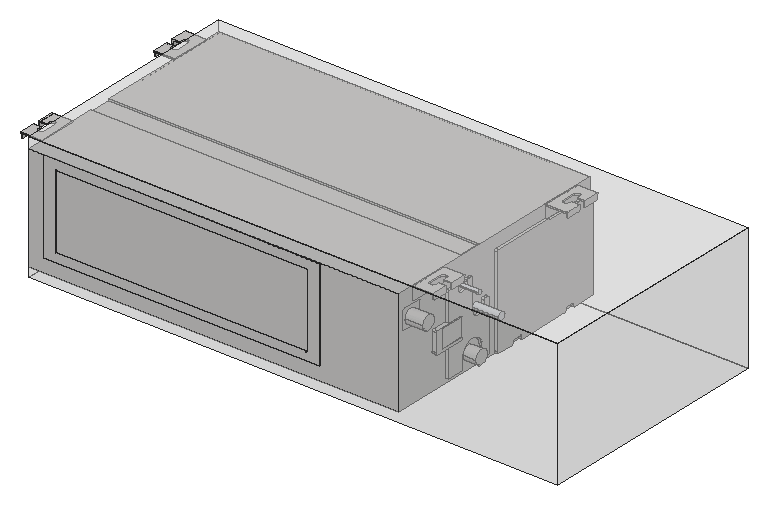
Revit family "outputfile", category 機械設備, Revit 2024
Family settings
  丸型コネクタ寸法 = 半径を使用
  パーツ タイプ = 標準
  OmniClass 番号 = 23.75.10.24.21.27.27
  OmniClass タイトル = Split System Air Conditioning Units
  作業面ベース = いいえ
  常に垂直 = はい
  ロード時にボイドで切り取り = いいえ
  注釈の向きを維持 = いいえ
  共有 = いいえ
  部屋計算ポイント = はい
Parameters (values of type "FPDSQ20APVM")
  Description = ""
  製造元 = "Daikin"
  書き出し IFC クラス(タイプ) = "IfcUnitaryEquipmentType"
  定義済み IFC タイプ(タイプ) = "AIRCONDITIONINGUNIT"
  Cost = 0
  モデル = "FPDSQ20APVM"
  Type Comments = ""
  Keynote = ""
  Type Image = (empty or 0)
  Assembly Code = ""
  lw_suctionflange = 36.75 mm  # constant formula
  r_Liquid Pipe Size = Liquid Pipe Size / 2  # 3.2 mm
  r_Gas Pipe Size = Gas Pipe Size / 2  # 6.35 mm
  r_Drain Pipe Size = Drain Pipe Size / 2  # 13.0 mm
  lw_dischargeflange = 60.0 mm  # constant formula
  lw_SA_left = 351.0 mm
  lw_SA = Width - 178.0 mm  # 522.0 mm
  lw_RA = 624.5 mm
  lh_suctionflange [instance] = if(Rear Connection_Return Air, -100.0 mm, -10.0 mm)  # -100.0 mm
  lh_power = 100.0 mm  # constant formula
  lh_mountinghole1 = lh_mountinghole  # 200.0 mm
  lh_dischargeflange = 112.0 mm  # constant formula
  lh_RA = 198.0 mm  # constant formula
  ld_dischargeflange = 225.0 mm  # constant formula
  ld_suctionflange [instance] = if(Rear Connection_Return Air, 190.0 mm, 100.0 mm)  # 190.0 mm
  angle_vertical_RA [instance] = if(Rear Connection_Return Air, 90.00°, 0.00°)  # 90.00°
  angle horizontal_RA [instance] = if(Rear Connection_Return Air, 180.00°, 270.00°)  # 180.00°
  Voltage_comment_60Hz = "220-230"
  Voltage_comment_50Hz = "220 - 240"
  Voltage_60Hz = 220 V
  Voltage_50Hz = 230 V
  URL = ""
  Supply Air Direction [instance] = yes
  Sound Power Level_H speed (dB) = 0
  Rear Connection_Return Air [instance] = not(Bottom Connection_Return Air)  # yes
  ld_RA = 190.0 mm  # constant formula
  Phase_60Hz = 1
  Phase_50Hz = 1
  Minimum External Static Pressure = 0.00 Pa
  Minimum Circuit Amps_60Hz = 0.38 A
  Minimum Circuit Amps_50Hz = 0.38 A
  Maximum Fuse Amps_60Hz = 16.0 A
  Maximum Fuse Amps_50Hz = 16.0 A
  Maximum External Static Pressure = 10.00 Pa
  Material_Casing = DAIKIN_GalvanizedSteel_Casing_indoorunit
  lw_mountinghole = 740.0 mm
  lh_gaspipe = -98.0 mm  # constant formula
  lh_mountinghole = 200.0 mm  # constant formula
  lh_liquidpipe = -45.5 mm  # constant formula
  lh_drainpipe = -50.0 mm  # constant formula
  lh_antena = 1.0 mm  # constant formula
  ld_drainpipe = 197.0 mm  # constant formula
  ld_liquidpipe = 84.0 mm  # constant formula
  ld_gaspipe = 46.5 mm  # constant formula
  ld_mountinghole = 315.0 mm  # constant formula
  h*** = 100.0 mm  # constant formula
  lw_liquidpipe = 40.0 mm  # constant formula
  lw_gaspipe = 51.0 mm  # constant formula
  lw_drainpipe = 33.0 mm  # constant formula
  Width = 700.0 mm
  Version = "ver.1.0"
  Unit Type = "Intelligent 3D Air Flow Ceiling Mounted Duct Type"
  Unit Mass Weight = 17.00 kg
  Unit Designation [instance] = ""
  Uniclass2015Version = "Products v1.30"
  Uniclass2015Title = "Variable refrigerant flow units"
  Uniclass2015Code = "Pr_70_65_03_94"
  Total Cooling Capacity [instance] = 0.000 kW
  Sound Pressure Level_M speed (dBA) = 27
  Sound Pressure Level_L speed (dBA) = 24
  Sound Pressure Level_H speed (dBA) = 31
  Series = "VRV HOME_Fan Coil Unit"
  Sensible Cooling Capacity [instance] = 0.000 kW
  SA Duct Size Width = 456.0 mm
  SA Duct Size Height = 141.0 mm
  Refrigerant Type = "R410A"
  RA Duct Size Width = 598.5 mm
  RA Duct Size Height = 172.0 mm
  Power Input (Cooling) = 0.028 kW
  Option Accessory 3 [instance] = ""
  Option Accessory 2 [instance] = ""
  Option Accessory 1 [instance] = ""
  Nominal Cooling Capacity = 2.200 kW
  Minimum Airflow = 390.00 m³/h
  Median Airflow = 456.00 m³/h
  Maximum Airflow = 522.00 m³/h
  Load Classification = HVAC
  Liquid Pipe Size = 6.4 mm
  Link_Nested Family [instance] = ""
  IfcVersion = ""
  IfcExportType = "AIRCONDITIONINGUNIT"
  IfcExportAs = "IfcUnitaryEquipmentType"
  Height = 200.0 mm
  Heat Exchanger Type = "Cross Fin Coil"
  Gas Pipe Size = 12.7 mm
  Frequency_60Hz = 60 Hz
  Frequency_50Hz = 50 Hz
  Fan Type = "Sirocco Fan"
  Fan Drive = "Direct Drive"
  FCU Tag No. [instance] = ""
  Drain Pipe Size = 26.0 mm
  Design Supply Airflow [instance] = 0.00 m³/h
  Design Return Airflow [instance] = 0.00 m³/h
  Design External Static Pressure [instance] = 0.00 Pa
  Depth = 450.0 mm
  既定の高さ = 0.0 mm
  Cooling Entering Wet Bulb Temperature [instance] = 0.00 °C
  Cooling Entering Dry Bulb Temperature [instance] = 0.00 °C
  Cooling Ambient Wet Bulb Temperature [instance] = 0.00 °C
  Cooling Ambient Dry Bulb Temperature [instance] = 0.00 °C
  Clearance visibility [instance] = yes
  Clearance Top = 20.0 mm
  Clearance Right = 300.0 mm
  Clearance Rear = 0.0 mm
  Clearance Left = 0.0 mm
  Clearance Front = 0.0 mm
  Clearance Bottom = 20.0 mm
  Bottom Connection_Return Air [instance] = no
  left_pipe = no
Reference planes
  plane 1 "Center (Front/Back)": y = 0
  plane 2 "h": z = 0
  plane 3 "Center (Left/Right)": x = 0
  plane 4 "Back": y = 225
  plane 5 "Front": y = -225
  plane 6 "Left": x = -350
  plane 7 "Reight": x = 350
  plane 8 "Top": z = 0
  plane 9 "Bottom": z = -200
  plane 10: z = 1.2
  plane 11: z = -2
  plane 12: y = -136.255
  plane 13: z = -130.998
  plane 14: y = -88.831
  plane 15: x = -370
  plane 16 "lh_mountinghole": z = 0
  plane 17: y = -197
  plane 18: z = -50
  plane 19: y = -157.5
  plane 20: y = 157.5
  plane 21 "ld_liquidpipe": y = -84
  plane 22 "ld_gaspipe": y = -46.5
  plane 23: y = -215
  plane 24 "ld_maintenacesocket": y = -197
  plane 25: x = -370
  plane 26: x = -350
  plane 27: x = 348.7
  plane 28: x = 383
  plane 29: x = 357
  plane 30: x = 360
  plane 31: x = 358
  plane 32: x = 370
  plane 33: y = -62
  plane 34: x = 375.5
  plane 35: x = 348
  plane 36: y = 225
  plane 37: y = -225
  plane 38: x = -350
  plane 39: x = 650
  plane 40: z = 20
  plane 41: z = -220
  plane 42: y = 250
  plane 43: z = -198
  plane 44: z = 205.102
  plane 45 "d_liquid_pipe": x = 390
  plane 46 "d_gas_pipe": x = 401
  plane 47 "ld_SA": y = -225
  plane 48: x = -350
  plane 49: x = -60
  plane 50: y = 415
  plane 51: z = -88
  plane 52: z = -189.5
  plane 53: x = -349
  plane 54: z = -199
  plane 55: z = -1
  plane 56: y = 35
  plane 57: y = 25
  plane 58: z = -10
  plane 59 "RA_width": x = -36.75
  plane 60: y = 125
  plane 61 "RA_depth": y = 35
  plane 62: z = -100
  plane 63: x = -349
  plane 64: y = 224
  plane 65: x = 242.57
  plane 66: z = -31.16
  plane 67: x = 302
  plane 68: y = 158.8
  plane 69 "h86.5": z = -113.5
  plane 70: y = 111
Forms (mm)
  Extrusion 1, solid, material "DAIKIN_GalvanizedSteel_Casing_indoorunit" <- "Material_Casing"
    sketch origin (0, 0, 0) x (1, 0, 0) y (0, 1, 0)
      loop
        line (-350, 225) -> (-350, -225) -> (350, -225) -> (350, 225) -> (-350, 225)
    from -200 to 0
  Extrusion 2, solid, material "DAIKIN_GalvanizedSteel_Casing_indoorunit" <- "Material_Casing"
    sketch origin (0, 0.312, 0) x (0, 1, 0) y (0, 0, 1)
      loop
        line (182.791, -198) -> (224.688, -198) -> (224.688, -22.445) -> (195.656, -22.445) -> (192.165, -25.937) -> (122.336, -25.937) -> (118.844, -22.445) -> (1.633, -22.445)
        arc (1.633, -22.445) -> (-0.483, -23.322) -> (-1.36, -25.438) r 2.993
        line (-1.36, -25.438) -> (-1.36, -195.007)
        arc (-1.36, -195.007) -> (-0.483, -197.123) -> (1.633, -198) r 2.993
        line (1.633, -198) -> (31.061, -198)
        arc (31.061, -198) -> (33.177, -197.124) -> (34.053, -195.008) r 2.992
        line (34.053, -195.008) -> (34.053, -188.29)
        arc (34.053, -188.29) -> (35.55, -186.794) -> (37.046, -188.29) r 1.496
        line (37.046, -188.29) -> (37.046, -190.333) -> (52.01, -190.333) -> (52.01, -188.29)
        arc (52.01, -188.29) -> (53.506, -186.794) -> (55.002, -188.29) r 1.496
        line (55.002, -188.29) -> (55.002, -195.007)
        arc (55.002, -195.007) -> (55.879, -197.123) -> (57.995, -198) r 2.993
        line (57.995, -198) -> (155.756, -198)
        arc (155.756, -198) -> (157.872, -197.123) -> (158.749, -195.007) r 2.993
        line (158.749, -195.007) -> (158.749, -188.29)
        arc (158.749, -188.29) -> (160.245, -186.794) -> (161.741, -188.29) r 1.496
        line (161.741, -188.29) -> (161.741, -190.333) -> (176.705, -190.333) -> (176.705, -188.29)
        arc (176.705, -188.29) -> (178.201, -186.794) -> (179.697, -188.29) r 1.496
        line (179.697, -188.29) -> (179.697, -195.005)
        arc (179.697, -195.005) -> (180.571, -197.115) -> (182.682, -197.989) r 2.984
      loop
        arc (-61.313, -42.952) -> (-62.034, -41.571) -> (-63.466, -40.958) r 2.32
        line (-63.466, -40.958) -> (-70.317, -40.958)
        arc (-70.317, -40.958) -> (-71.728, -41.542) -> (-72.313, -42.953) r 1.995
        line (-72.313, -42.953) -> (-72.313, -45.5)
        arc (-72.313, -45.5) -> (-84.313, -57.5) -> (-96.313, -45.5) r 12
        line (-96.313, -45.5) -> (-96.313, -42.953)
        arc (-96.313, -42.953) -> (-96.897, -41.542) -> (-98.308, -40.958) r 1.995
        line (-98.308, -40.958) -> (-115.14, -40.958)
        arc (-115.14, -40.958) -> (-116.551, -41.542) -> (-117.135, -42.953) r 1.995
        line (-117.135, -42.953) -> (-117.135, -189.5) -> (-22.307, -189.5) -> (-22.307, -92.768)
        arc (-22.307, -92.768) -> (-22.891, -91.358) -> (-24.302, -90.773) r 1.995
        line (-24.302, -90.773) -> (-30.318, -90.773)
        arc (-30.318, -90.773) -> (-31.728, -91.358) -> (-32.313, -92.768) r 1.995
        line (-32.313, -92.768) -> (-32.313, -99.963)
        arc (-32.313, -99.963) -> (-47.621, -112.774) -> (-61.313, -98.249) r 14.551
        line (-61.313, -98.249) -> (-61.313, -42.952)
    from 350 to 357
  Extrusion 3, solid, material "DAIKIN_GalvanizedSteel_Casing_indoorunit" <- "Material_Casing"
    sketch origin (0, 0, 0) x (0, 1, 0) y (0, 0, 1)
      loop
        line (-91.821, -94.277) -> (-145.472, -94.277)
        arc (-145.472, -94.277) -> (-147.727, -95.07) -> (-148.682, -97.262) r 2.993
        line (-148.682, -97.262) -> (-148.682, -131.007)
        arc (-148.682, -131.007) -> (-147.871, -133.233) -> (-145.694, -134.172) r 2.993
        line (-145.694, -134.172) -> (-92.043, -134.172)
        arc (-92.043, -134.172) -> (-89.788, -133.378) -> (-88.833, -131.187) r 2.993
        line (-88.833, -131.187) -> (-88.831, -97.148)
        arc (-88.831, -97.148) -> (-89.748, -95.111) -> (-91.821, -94.277) r 2.993
    from 350 to 360
  Extrusion 4, void
    sketch origin (0, 0, 0) x (1, 0, 0) y (0, 1, 0)
      loop
        line (348.7, -35.647) -> (-350, -35.647) -> (-350, -77.912) -> (348.7, -77.912) -> (348.7, -35.647)
    from -2 to 0
  Extrusion 5, void
    sketch origin (0, 0, 0) x (0, 1, 0) y (0, 0, 1)
      loop
        line (-136.255, -95.719) -> (-136.255, -130.724) -> (-88.831, -130.724) -> (-88.831, -95.719) -> (-136.255, -95.719)
    from 358 to 360
  Extrusion 6, void
    sketch origin (0, 0, 29.537) x (0, 1, 0) y (0, 0, 1)
      loop
        arc (-37.558, -199.001) -> (-61.998, -174.561) -> (-86.438, -199.001) r 24.44
        line (-86.438, -199.001) -> (-86.438, -219.037) -> (-37.558, -219.037) -> (-37.558, -199.001)
    from 357 to 350
  Extrusion 7, solid, material "DAIKIN_GalvanizedSteel_Casing_indoorunit" <- "Material_Casing"
    sketch origin (0, 0, 0) x (0, 1, 0) y (0, 0, 1)
      loop
        circle (-62, -170) r 12.968
    from 350 to 375.5
  Extrusion 8, solid, material "DAIKIN_GalvanizedSteel_Casing_indoorunit" <- "Material_Casing"
    sketch origin (0, 0, 0) x (0, 1, 0) y (0, 0, 1)
      loop
        circle (-197, -50) r 13
    from 348 to 383
  Extrusion 9, void
    sketch origin (0, 0, 0) x (0, 1, 0) y (0, 0, 1)
      loop
        arc (-212.961, -29.051) -> (-216.488, -30.512) -> (-217.949, -34.039) r 4.988
        line (-217.949, -34.039) -> (-217.949, -63.961)
        arc (-217.949, -63.961) -> (-216.488, -67.488) -> (-212.961, -68.949) r 4.988
        line (-212.961, -68.949) -> (-181.039, -68.949)
        arc (-181.039, -68.949) -> (-177.512, -67.488) -> (-176.051, -63.961) r 4.988
        line (-176.051, -63.961) -> (-176.051, -34.039)
        arc (-176.051, -34.039) -> (-177.512, -30.512) -> (-181.039, -29.051) r 4.988
        line (-181.039, -29.051) -> (-212.961, -29.051)
    from 348 to 350
  Extrusion 10, solid
    sketch origin (0, 0, 0) x (0, 1, 0) y (0, 0, 1)
      loop
        circle (-84, -45.5) r 3.2
    from 350 to 390
  Extrusion 11, solid
    sketch origin (0, 0, 0) x (0, 1, 0) y (0, 0, 1)
      loop
        circle (-46.5, -98) r 6.35
    from 350 to 401
  Extrusion 12, solid, material "DAIKIN_GalvanizedSteel_Casing_indoorunit" <- "Material_Casing"
    sketch origin (0, 0, 0) x (1, 0, 0) y (0, 1, 0)
      loop
        circle (302, 158.8) r 25
    from -198 to -200
  Extrusion 13, void
    sketch origin (0, 0, 0) x (1, 0, 0) y (0, 0, 1)
      loop
        line (-349, -1) -> (-349, -199) -> (262.5, -199) -> (262.5, -1) -> (-349, -1)
    from -225 to -35
  Extrusion 14, void
    sketch origin (0, 0, 0) x (1, 0, 0) y (0, 1, 0)
      loop
        line (-349, 224) -> (-349, 26) -> (262.5, 26) -> (262.5, 224) -> (-349, 224)
    from -200 to -10
  Extrusion 15, solid, material "DAIKIN_GalvanizedSteel_Casing_indoorunit" <- "Material_Casing", visible <- "Rear Connection_Return Air"
    sketch origin (0, 0, 0) x (1, 0, 0) y (0, 1, 0)
      loop
        line (262.5, 224) -> (-349, 224) -> (-349, 26) -> (262.5, 26) -> (262.5, 224)
    from -200 to -199
  Extrusion 16, solid, material "DAIKIN_GalvanizedSteel_Casing_indoorunit" <- "Material_Casing", visible <- "Bottom Connection_Return Air"
    sketch origin (0, 0, 0) x (1, 0, 0) y (0, 0, 1)
      loop
        line (262.5, -1) -> (-349, -1) -> (-349, -199) -> (262.5, -199) -> (262.5, -1)
    from -225 to -215
  Extrusion 17, void
    sketch origin (-350, 0, 0) x (0, 1, 0) y (0, 0, 1)
      loop
        line (152, -88.5) -> (70, -88.5) -> (70, -138.5) -> (152, -138.5) -> (152, -88.5)
    from 0 to 0.5
  Revolve 18, solid, material "DAIKIN_GalvanizedSteel_Casing_indoorunit" <- "Material_Casing", visible <- "left_pipe"
    sketch origin (0, 0, -113.5) x (0, 1, 0) y (-1, 0, 0)
      loop
        line (111, 349.5) -> (111, 373) -> (103.5, 373) -> (103.5, 359) -> (93.5, 359) -> (93.5, 357.5) -> (90, 357.5) -> (90, 349.5) -> (111, 349.5)
      axis (111, 373) -> (111, 349.5)
    angle from 0 to 360
Cuts and joins
  Extrusion 4, Extrusion 5, Extrusion 9, Extrusion 13, Extrusion 14, Extrusion 17 cuts Extrusion 1
  Extrusion 5 cuts Extrusion 3
  Extrusion 6 cuts Extrusion 2
  Extrusion 13 cuts Extrusion 8
Dimensions and locks
  "Height": plane 8 "Top" to plane 9 "Bottom"
  locked: plane 10 to plane 8 "Top" at 1.2
  locked: plane 8 "Top" to plane 11 at 2
  locked: Extrusion 6 sketch curve to Extrusion 6 sketch curve at 48.881
  locked: Extrusion 6 sketch curve to Extrusion 6 sketch curve at 20.035  (x2)
  equal spacing: plane 19, plane 1 "Center (Front/Back)", plane 20
  "ld_mountinghole": plane 19 to plane 20
  "ld_gaspipe": plane 22 "ld_gaspipe" to plane 1 "Center (Front/Back)"
  "ld_liquidpipe": plane 21 "ld_liquidpipe" to plane 1 "Center (Front/Back)"
  "ld_drainpipe": plane 24 "ld_maintenacesocket" to plane 1 "Center (Front/Back)"
  equal spacing: plane 4 "Back", plane 1 "Center (Front/Back)", plane 5 "Front"
  "Depth": plane 4 "Back" to plane 5 "Front"
  locked: plane 12 to plane 1 "Center (Front/Back)" at 136.255
  locked: plane 12 to plane 14 at 47.425
  locked: plane 14 to plane 1 "Center (Front/Back)" at 88.831
  locked: plane 13 to plane 9 "Bottom" at 69.002
  equal spacing: plane 6 "Left", plane 3 "Center (Left/Right)", plane 7 "Reight"
  "Width": plane 6 "Left" to plane 7 "Reight"
  "lw_drainpipe": plane 7 "Reight" to plane 28
  locked: plane 7 "Reight" to plane 29 at 7
  locked: plane 30 to plane 28 at 23
  locked: plane 31 to plane 28 at 25
  equal spacing: plane 25, plane 3 "Center (Left/Right)", plane 32
  "lw_mountinghole": plane 25 to plane 32
  locked: plane 7 "Reight" to plane 34 at 25.5
  locked: plane 35 to plane 7 "Reight" at 2
  "Clearance Left": plane 38 to plane 6 "Left"
  "Clearance Right": plane 7 "Reight" to plane 39
  "Clearance Rear": plane 36 to plane 4 "Back"
  "Clearance Front": plane 5 "Front" to plane 37
  "Clearance Top": plane 40 to plane 8 "Top"
  "Clearance Bottom": plane 9 "Bottom" to plane 41
  locked: plane 42 to plane 4 "Back" at 25
  locked: plane 27 to plane 7 "Reight" at 1.3
  locked: plane 43 to plane 9 "Bottom" at 2
  "lw_liquidpipe": plane 7 "Reight" to plane 45 "d_liquid_pipe"
  "lw_gaspipe": plane 7 "Reight" to plane 46 "d_gas_pipe"
  "lh_mountinghole": plane 16 "lh_mountinghole" to plane 9 "Bottom"
  "ld_suctionflange": plane 50 to plane 4 "Back"
  "lw_dischargeflange": plane 49 to plane 3 "Center (Left/Right)"
  "lh_dischargeflange": plane 51 to plane 9 "Bottom"
  locked: plane 52 to plane 9 "Bottom" at 10.5
  locked: plane 33 to plane 1 "Center (Front/Back)" at 62
  locked: plane 8 "Top" to plane 55 at 1
  locked: plane 53 to plane 6 "Left" at 1
  locked: plane 54 to plane 9 "Bottom" at 1
  locked: plane 58 to plane 9 "Bottom" at 190
  locked: plane 4 "Back" to plane 56 at 190
  locked: plane 4 "Back" to plane 57 at 200
  locked: plane 4 "Back" to plane 60 at 100
  "lw_suctionflange": plane 59 "RA_width" to plane 3 "Center (Left/Right)"
  "ld_suctionflange": plane 4 "Back" to plane 61 "RA_depth"
  "lh_power": plane 62 to plane 9 "Bottom"
  locked: plane 48 to plane 63 at 1
  locked: plane 36 to plane 64 at 1
  locked: plane 8 "Top" to plane 66 at 31.16
  locked: plane 7 "Reight" to plane 65 at 107.43
  locked: plane 18 to plane 9 "Bottom" at 150
  locked: plane 67 to plane 7 "Reight" at 48
  locked: Extrusion 17 sketch curve to Extrusion 17 sketch curve at 82
  locked: Extrusion 17 sketch curve to Extrusion 17 sketch curve at 50
  locked: plane 4 "Back" to Extrusion 17 sketch curve at 73
  locked: Extrusion 17 sketch curve to plane 9 "Bottom" at 61.5
  locked: plane 69 "h86.5" to plane 9 "Bottom" at 86.5
  locked: plane 4 "Back" to plane 70 at 114
  locked: plane 70 to Revolve 18 sketch curve at 21
  locked: plane 70 to Revolve 18 sketch curve at 17.5
  locked: plane 70 to Revolve 18 sketch curve at 7.5
  locked: Revolve 18 sketch curve to plane 6 "Left" at 23
  cut or joined group of Extrusion 1, Extrusion 4, Extrusion 5, Extrusion 9, Extrusion 13, Extrusion 14, Extrusion 17 to nested 16 = 598.5 mm
  nested 16 to nested 9 = 14.0 mm
  nested 16 to cut or joined group of Extrusion 1, Extrusion 4, Extrusion 5, Extrusion 9, Extrusion 13, Extrusion 14, Extrusion 17 = 13.0 mm
  "ld_dischargeflange": plane 47 "ld_SA" to plane 1 "Center (Front/Back)"
  plane 4 "Back" to plane 68 = 66.2 mm
  "Drain Pipe Size": diameter of Extrusion 8 sketch curve
  "Liquid Pipe Size": diameter of Extrusion 10 sketch curve
  "Gas Pipe Size": diameter of Extrusion 11 sketch curve
  aligned and locked: level to plane 2 "h"
  aligned and locked: plane 8 "Top" to Extrusion 1
  aligned and locked: Extrusion 1 to plane 9 "Bottom"
  aligned and locked: cut or joined group of Extrusion 1, Extrusion 4, Extrusion 5, Extrusion 9, Extrusion 13, Extrusion 14, Extrusion 17 to plane 8 "Top"
  aligned and locked: Extrusion 4 to plane 11
  aligned and locked: plane 8 "Top" to Extrusion 4
  aligned and locked: Extrusion 3 to Extrusion 5
  aligned and locked: plane 14 to Extrusion 5 sketch curve
  aligned and locked: Extrusion 5 sketch curve to plane 12
  aligned and locked: plane 19 to nested 1
  aligned and locked: nested 3 to plane 19
  aligned and locked: nested 2 to plane 20
  aligned and locked: nested 4 to plane 22 "ld_gaspipe"
  aligned and locked: nested 5 to plane 21 "ld_liquidpipe"
  aligned and locked: nested 6 to plane 24 "ld_maintenacesocket"
  aligned and locked: plane 4 "Back" to cut or joined group of Extrusion 2, Extrusion 6
  aligned and locked: nested 1 to plane 7 "Reight"
  aligned and locked: plane 6 "Left" to plane 26
  aligned and locked: Extrusion 4 sketch curve to plane 26
  aligned and locked: Extrusion 4 sketch curve to plane 27
  aligned and locked: cut or joined group of Extrusion 1, Extrusion 4, Extrusion 5, Extrusion 9, Extrusion 13, Extrusion 14, Extrusion 17 to plane 6 "Left"
  aligned and locked: plane 7 "Reight" to cut or joined group of Extrusion 1, Extrusion 4, Extrusion 5, Extrusion 9, Extrusion 13, Extrusion 14, Extrusion 17
  aligned and locked: plane 28 to Extrusion 8
  aligned and locked: Extrusion 8 to plane 28  (x2)
  aligned and locked: cut or joined group of Extrusion 2, Extrusion 6 to plane 29
  aligned and locked: plane 29 to cut or joined group of Extrusion 2, Extrusion 6  (x3)
  aligned and locked: plane 7 "Reight" to nested 1
  aligned and locked: cut or joined group of Extrusion 2, Extrusion 6 to plane 7 "Reight"
  aligned and locked: Extrusion 2 to Extrusion 6
  aligned and locked: Extrusion 6 to plane 7 "Reight"
  aligned and locked: plane 30 to cut or joined group of Extrusion 3, Extrusion 5
  aligned and locked: cut or joined group of Extrusion 3, Extrusion 5 to plane 31
  aligned and locked: nested 2 to plane 6 "Left"
  aligned and locked: nested 3 to plane 6 "Left"
  aligned and locked: plane 33 to Extrusion 7 sketch curve
  aligned and locked: Extrusion 7 to plane 7 "Reight"
  aligned and locked: plane 34 to Extrusion 7
  aligned and locked: Extrusion 3 to plane 7 "Reight"
  aligned and locked: plane 7 "Reight" to Extrusion 9
  aligned and locked: plane 35 to Extrusion 9
  aligned and locked: plane 35 to Extrusion 8
  aligned and locked: plane 20 to nested 7
  aligned and locked: plane 3 "Center (Left/Right)" to nested 8
  aligned and locked: plane 1 "Center (Front/Back)" to nested 8
  aligned and locked: plane 7 "Reight" to nested 7
  aligned and locked: plane 4 "Back" to cut or joined group of Extrusion 1, Extrusion 4, Extrusion 5, Extrusion 9, Extrusion 13, Extrusion 14, Extrusion 17
  aligned and locked: nested 9 to plane 37
  aligned and locked: plane 38 to nested 9
  aligned and locked: plane 39 to nested 9
  aligned and locked: nested 9 to plane 38
  aligned and locked: plane 36 to nested 9
  aligned and locked: plane 40 to nested 9
  aligned and locked: plane 41 to nested 9
  aligned and locked: cut or joined group of Extrusion 1, Extrusion 4, Extrusion 5, Extrusion 9, Extrusion 13, Extrusion 14, Extrusion 17 to plane 9 "Bottom"
  aligned and locked: Extrusion 10 to plane 7 "Reight"
  aligned and locked: plane 45 "d_liquid_pipe" to Extrusion 10
  aligned and locked: plane 22 "ld_gaspipe" to Extrusion 11 sketch curve
  aligned and locked: Extrusion 11 to plane 7 "Reight"
  aligned and locked: plane 46 "d_gas_pipe" to Extrusion 11
  aligned and locked: plane 46 "d_gas_pipe" to nested 4
  aligned and locked: plane 45 "d_liquid_pipe" to nested 5
  aligned and locked: plane 21 "ld_liquidpipe" to Extrusion 10 sketch curve
  aligned and locked: plane 16 "lh_mountinghole" to nested 3
  aligned and locked: plane 16 "lh_mountinghole" to nested 2
  aligned and locked: plane 16 "lh_mountinghole" to nested 1
  aligned and locked: plane 16 "lh_mountinghole" to nested 7
  aligned and locked: plane 32 to nested 10
  aligned and locked: plane 19 to nested 10
  aligned and locked: plane 32 to nested 13
  aligned and locked: plane 20 to nested 13
  aligned and locked: plane 25 to nested 11
  aligned and locked: plane 20 to nested 11
  aligned and locked: plane 25 to nested 12
  aligned and locked: plane 19 to nested 12
  aligned and locked: plane 49 to nested 14
  aligned and locked: plane 51 to nested 14
  aligned and locked: plane 20 to nested 15
  aligned and locked: plane 52 to Extrusion 2 sketch curve
  aligned and locked: cut or joined group of Extrusion 2, Extrusion 6 to Extrusion 12
  aligned and locked: Extrusion 12 to plane 9 "Bottom"
  aligned and locked: nested 15 to plane 9 "Bottom"
  aligned and locked: Extrusion 2 sketch curve to plane 43  (x3)
  aligned and locked: plane 53 to Extrusion 13 sketch curve
  aligned and locked: Extrusion 13 sketch curve to plane 55
  aligned and locked: plane 54 to Extrusion 13 sketch curve
  aligned and locked: plane 4 "Back" to Extrusion 13
  aligned and locked: nested 16 to cut or joined group of Extrusion 1, Extrusion 4, Extrusion 5, Extrusion 9, Extrusion 13, Extrusion 14, Extrusion 17
  aligned and locked: Extrusion 14 to plane 9 "Bottom"
  aligned and locked: plane 58 to Extrusion 14
  aligned and locked: Extrusion 15 sketch curve to cut or joined group of Extrusion 1, Extrusion 4, Extrusion 5, Extrusion 9, Extrusion 13, Extrusion 14, Extrusion 17  (x2)
  aligned and locked: cut or joined group of Extrusion 1, Extrusion 4, Extrusion 5, Extrusion 9, Extrusion 13, Extrusion 14, Extrusion 17 to Extrusion 15 sketch curve
  aligned and locked: Extrusion 15 to plane 9 "Bottom"
  aligned and locked: Extrusion 13 to plane 56
  aligned and locked: Extrusion 16 sketch curve to cut or joined group of Extrusion 1, Extrusion 4, Extrusion 5, Extrusion 9, Extrusion 13, Extrusion 14, Extrusion 17  (x3)
  aligned and locked: plane 4 "Back" to Extrusion 16
  aligned and locked: Extrusion 15 to cut or joined group of Extrusion 1, Extrusion 4, Extrusion 5, Extrusion 9, Extrusion 13, Extrusion 14, Extrusion 17
  aligned and locked: plane 7 "Reight" to nested 6
  aligned and locked: plane 24 "ld_maintenacesocket" to nested 6
  aligned and locked: plane 61 "RA_depth" to nested 17
  aligned and locked: plane 67 to Extrusion 12 sketch curve
  aligned and locked: plane 68 to Extrusion 12 sketch curve
  aligned and locked: plane 67 to nested 15
  aligned and locked: nested 18 to Extrusion 16
  aligned and locked: plane 70 to Revolve 18 sketch curve
  aligned and locked: plane 49 to nested 19
  aligned and locked: plane 47 "ld_SA" to nested 19
  aligned and locked: plane 1 "Center (Front/Back)" to nested 14
  aligned and locked: nested 19 to plane 51
Automatic sketch dimensions
  Extrusion 3 sketch curve to Extrusion 3 sketch curve = 0.217 mm  (x2)
  Extrusion 3 sketch curve to Extrusion 3 sketch curve = 2.985 mm  (x2)
  Extrusion 3 sketch curve to Extrusion 3 sketch curve = 53.651 mm
  Extrusion 3 sketch curve to Extrusion 3 sketch curve = 2.988 mm
  Extrusion 3 sketch curve to Extrusion 3 sketch curve = 0.172 mm
  Extrusion 3 sketch curve to Extrusion 3 sketch curve = 0.222 mm
  Extrusion 3 sketch curve to Extrusion 3 sketch curve = 2.993 mm
  Extrusion 3 sketch curve to Extrusion 3 sketch curve = 0.008 mm
  plane 1 "Center (Front/Back)" to Extrusion 4 sketch curve = 77.912 mm
  plane 1 "Center (Front/Back)" to Extrusion 4 sketch curve = 35.647 mm
  plane 9 "Bottom" to Extrusion 7 sketch curve = 30.0 mm
  Extrusion 3 sketch curve to Extrusion 3 sketch curve = 2.99 mm
  plane 9 "Bottom" to Extrusion 3 sketch curve = 65.828 mm
  Extrusion 3 sketch curve to Extrusion 3 sketch curve = 33.917 mm
  Extrusion 3 sketch curve to Extrusion 3 sketch curve = 33.745 mm
  Extrusion 3 sketch curve to plane 19 = 8.818 mm
  plane 23 to Extrusion 1 sketch curve = 10.0 mm
  Extrusion 1 sketch curve to plane 6 "Left" = 0.0 mm
  Extrusion 1 sketch curve to plane 7 "Reight" = 0.0 mm
  plane 23 to Extrusion 9 sketch curve = 2.949 mm
  Extrusion 9 sketch curve to plane 23 = 2.039 mm  (x2)
  Extrusion 9 sketch curve to plane 24 "ld_maintenacesocket" = 15.961 mm
  Extrusion 9 sketch curve to Extrusion 9 sketch curve = 4.988 mm  (x2)
  Extrusion 1 sketch curve to plane 4 "Back" = 0.0 mm
  plane 21 "ld_liquidpipe" to Extrusion 6 sketch curve = 2.438 mm
  plane 43 to Extrusion 6 sketch curve = 8.5 mm
  plane 6 "Left" to Extrusion 14 sketch curve = 1.0 mm
  Extrusion 14 sketch curve to plane 7 "Reight" = 87.5 mm
  Extrusion 14 sketch curve to plane 4 "Back" = 1.0 mm
  Extrusion 15 sketch curve to plane 4 "Back" = 1.0 mm
  plane 51 to Extrusion 5 sketch curve = 7.719 mm
  Extrusion 9 sketch curve to plane 51 = 19.051 mm
  Extrusion 9 sketch curve to plane 58 = 24.039 mm
  Extrusion 10 sketch curve to plane 58 = 35.5 mm
  plane 35 to Extrusion 16 sketch curve = 85.5 mm
  plane 35 to Extrusion 13 sketch curve = 85.5 mm
  plane 57 to Extrusion 14 sketch curve = 1.0 mm
  Extrusion 8 sketch curve to plane 17 = 0.0 mm
  Extrusion 8 sketch curve to plane 18 = 0.0 mm
  plane 62 to Extrusion 11 sketch curve = 2.0 mm
  plane 13 to Extrusion 5 sketch curve = 0.274 mm
  Revolve 18 sketch curve to plane 70 = 0.0 mm
  plane 6 "Left" to Revolve 18 sketch curve = 0.5 mm
  Revolve 18 sketch curve to Revolve 18 sketch curve = 24.26 mm
  Revolve 18 sketch curve to Revolve 18 sketch curve = 20.32 mm
  Extrusion 2 sketch curve to plane 4 "Back" = 0.0 mm
  plane 66 to Extrusion 2 sketch curve = 5.223 mm
  Extrusion 2 sketch curve to plane 4 "Back" = 32.523 mm
  plane 43 to Extrusion 2 sketch curve = 2.995 mm
  Extrusion 2 sketch curve to plane 20 = 25.494 mm
  plane 52 to Extrusion 2 sketch curve = 1.21 mm  (x4)
  Extrusion 2 sketch curve to Extrusion 2 sketch curve = 2.984 mm
  Extrusion 2 sketch curve to Extrusion 2 sketch curve = 1.496 mm  (x3)
  Extrusion 2 sketch curve to plane 52 = 0.833 mm  (x2)
  Extrusion 2 sketch curve to plane 20 = 4.554 mm
  plane 20 to Extrusion 2 sketch curve = 1.432 mm
  Extrusion 2 sketch curve to plane 60 = 2.352 mm
  Extrusion 2 sketch curve to Extrusion 2 sketch curve = 3.492 mm
  plane 43 to Extrusion 2 sketch curve = 2.993 mm
  plane 56 to Extrusion 2 sketch curve = 23.307 mm
  plane 56 to Extrusion 2 sketch curve = 2.359 mm
  plane 56 to Extrusion 2 sketch curve = 0.862 mm
  Extrusion 2 sketch curve to plane 56 = 0.634 mm
  Extrusion 2 sketch curve to Extrusion 2 sketch curve = 2.992 mm
  Extrusion 2 sketch curve to plane 1 "Center (Front/Back)" = 1.945 mm  (x2)
  plane 1 "Center (Front/Back)" to Extrusion 2 sketch curve = 1.047 mm
  Extrusion 2 sketch curve to Extrusion 2 sketch curve = 20.947 mm
  Extrusion 2 sketch curve to Extrusion 2 sketch curve = 1.995 mm  (x4)
  Extrusion 2 sketch curve to Extrusion 2 sketch curve = 6.016 mm
  plane 62 to Extrusion 2 sketch curve = 0.037 mm
  Extrusion 2 sketch curve to plane 22 "ld_gaspipe" = 0.051 mm
  Extrusion 2 sketch curve to plane 66 = 11.792 mm
  Extrusion 2 sketch curve to Extrusion 2 sketch curve = 30.995 mm
  Extrusion 2 sketch curve to Extrusion 2 sketch curve = 2.154 mm
  Extrusion 2 sketch curve to Extrusion 2 sketch curve = 0.144 mm
  Extrusion 2 sketch curve to Extrusion 2 sketch curve = 6.708 mm
  plane 21 "ld_liquidpipe" to Extrusion 2 sketch curve = 0.0 mm
  Extrusion 2 sketch curve to plane 66 = 9.798 mm
  Extrusion 2 sketch curve to Extrusion 2 sketch curve = 16.833 mm
  plane 21 "ld_liquidpipe" to Extrusion 2 sketch curve = 32.823 mm
  plane 51 to Extrusion 2 sketch curve = 4.768 mm
  Extrusion 2 sketch curve to Extrusion 2 sketch curve = 2.547 mm
  Extrusion 2 sketch curve to Extrusion 2 sketch curve = 0.321 mm
  plane 66 to Extrusion 2 sketch curve = 5.722 mm
  Extrusion 2 sketch curve to Extrusion 2 sketch curve = 3.491 mm
  Extrusion 2 sketch curve to Extrusion 2 sketch curve = 0.11 mm
  Extrusion 2 sketch curve to Extrusion 2 sketch curve = 0.0 mm
  plane 66 to Extrusion 2 sketch curve = 8.715 mm
  Revolve 18 sketch curve to Revolve 18 sketch curve = 1.5 mm
  Revolve 18 sketch curve to plane 6 "Left" = 7.5 mm
  radius of Extrusion 7 sketch curve = 12.968 mm
  radius of Extrusion 12 sketch curve = 25.0 mm
Nested families
  nested 1: "daikin_hangerfixture_FPDSQ-APVM" at (350, -157.5, 0), type "daikin_hangerfixture_FPDSQ-APVM"
  nested 2: "daikin_hangerfixture_FPDSQ-APVM" at (-350, 157.5, 0) x (-1, 0, 0) z (0, 0, 1), type "daikin_hangerfixture_FPDSQ-APVM"
  nested 3: "daikin_hangerfixture_FPDSQ-APVM" at (-350, -157.5, 0) x (-1, 0, 0) z (0, 0, 1), type "daikin_hangerfixture_FPDSQ-APVM"
  nested 4: "daikin_connector_rotate2" at (350, -46.5, -98) x (0, 1, 0) z (0, 0, 1), length <- "lw_gaspipe", built-in parameter 1001364 <- "lh_gaspipe", type "daikin_connector_rotate2"
    with radius 6.35 mm, length 51.0 mm, angle_vertical 90.00°
  nested 5: "daikin_connector_rotate2" at (350, -84, -45.5) x (0, 1, 0) z (0, 0, 1), length <- "lw_liquidpipe", built-in parameter 1001364 <- "lh_liquidpipe", type "daikin_connector_rotate2"
    with radius 3.2 mm, length 40.0 mm, angle_vertical 90.00°
  nested 6: "daikin_connector_rotate2" at (350, -197, -50) x (0, 1, 0) z (0, 0, 1), length <- "lw_drainpipe", built-in parameter 1001364 <- "lh_drainpipe", type "daikin_connector_rotate2"
    with radius 13.0 mm, length 33.0 mm, angle_vertical 90.00°
  nested 7: "daikin_hangerfixture_FPDSQ-APVM" at (350, 157.5, 0), type "daikin_hangerfixture_FPDSQ-APVM"
  nested 8: "daikin_△_symbolicline" at (0, 0, 200), built-in parameter 1001364 <- "Height", visible <- "Supply Air Direction", type "daikin_△_symbolicline"
    with length 200.0 mm
  nested 9: "daikin_clearancespace" at (150, 0, -99.881), visible <- "Clearance visibility", show <- "Clearance visibility", Link_Nested Family <- "Link_Nested Family", type "daikin_clearancespace"
    with width 1000.0 mm, show yes, height 240.0 mm, depth 450.0 mm, Link_Nested Family ""
  nested 10: "daikin_mountinghole" at (370, -157.5, -200), l_antenna <- "lh_antena", Link_Nested Family <- "Link_Nested Family", h_mountinghole <- "lh_mountinghole1", type "daikin_mountinghole"
    with show yes, l_antenna 1.0 mm, h_mountinghole 200.0 mm, Link_Nested Family ""
  nested 11: "daikin_mountinghole" at (-370, 157.5, -200), l_antenna <- "lh_antena", Link_Nested Family <- "Link_Nested Family", h_mountinghole <- "lh_mountinghole1", type "daikin_mountinghole"
    with show yes, l_antenna 1.0 mm, h_mountinghole 200.0 mm, Link_Nested Family ""
  nested 12: "daikin_mountinghole" at (-370, -157.5, -200), l_antenna <- "lh_antena", Link_Nested Family <- "Link_Nested Family", h_mountinghole <- "lh_mountinghole1", type "daikin_mountinghole"
    with show yes, l_antenna 1.0 mm, h_mountinghole 200.0 mm, Link_Nested Family ""
  nested 13: "daikin_mountinghole" at (370, 157.5, -200), l_antenna <- "lh_antena", Link_Nested Family <- "Link_Nested Family", h_mountinghole <- "lh_mountinghole1", type "daikin_mountinghole"
    with show yes, l_antenna 1.0 mm, h_mountinghole 200.0 mm, Link_Nested Family ""
  nested 14: "daikin_connector_rotate2" at (-60, 0, -88), length <- "ld_dischargeflange", type "daikin_connector_rotate2"
    with radius 10.0 mm, length 225.0 mm, angle_vertical 90.00°
  nested 15: "daikin_connector_rotate2" at (302, 157.5, -100) x (1, 0, 0) z (0, -1, 0), length <- "lh_power", type "daikin_connector_rotate2"
    with radius 10.0 mm, length 100.0 mm, angle_vertical 90.00°
  nested 16: "daikin_ductflange_FPDSQ-APVM2" at (-36.75, 225, -199), height <- "lh_RA", width <- "lw_RA", visible <- "Rear Connection_Return Air", type "daikin_ductflange_FPDSQ-APVM2"
    with width 624.5 mm, height 198.0 mm, depth 8.188 mm
  nested 17: "daikin_connector_rotate3" at (-36.75, 35, -100), built-in parameter 1001364 <- "lh_suctionflange", length <- "ld_RA", angle_vertical <- "angle_vertical_RA", angle_horizontal <- "angle horizontal_RA", type "daikin_connector_rotate3"
    with show no, radius 10.0 mm, length 190.0 mm, angle_vertical 90.00°, angle_horizontal 180.00°
  nested 18: "daikin_ductflange_FPDSQ-APVM2" at (-36.75, 26, -200) x (1, 0, 0) z (0, 1, 0), width <- "lw_RA", height <- "lh_RA", visible <- "Bottom Connection_Return Air", type "daikin_ductflange_FPDSQ-APVM2"
    with width 624.5 mm, height 198.0 mm, depth 562.323 mm
  nested 19: "daikin_ductflange_FPDSQ-APVM3" at (-60, -225, -187), height <- "lh_RA", width <- "lw_SA", type "daikin_ductflange_FPDSQ-APVM3"
    with width 522.0 mm, height 198.0 mm, depth 1.0 mm
Connectors
  piping at (401, -46.5, -98), diameter 12.7, driven by "r_Gas Pipe Size"
    settings: on nested 4, index 3, connector inside diameter 609.6 mm, connector length 0.0 mm, flow factor 0, pipe flow 0.00 m³/h, pressure drop 0.0 Pa, fitting loss kfactor 0, connector angle 0.00°, fixture units 0, engagement length 0.0 mm, angle of deflection 0.00°, flow configuration 1, flow direction 2, fitting loss method 0, system type 29, joint type 0, gender type 0, connector reference index -1, connector utility 0, adjustable connector no, is connector primary yes, connector description "Refrigerant Gas Piping"
  piping at (390, -84, -45.5), diameter 6.4, driven by "r_Liquid Pipe Size"
    settings: on nested 5, index 4, connector inside diameter 609.6 mm, connector length 0.0 mm, flow factor 0, pipe flow 0.00 m³/h, pressure drop 0.0 Pa, fitting loss kfactor 0, connector angle 0.00°, fixture units 0, engagement length 0.0 mm, angle of deflection 0.00°, flow configuration 1, flow direction 1, fitting loss method 0, system type 29, joint type 0, gender type 0, connector reference index -1, connector utility 0, adjustable connector no, is connector primary no, connector description "Refrigerant Liquid Piping"
  piping at (383, -197, -50), diameter 26, driven by "r_Drain Pipe Size"
    settings: on nested 6, index 5, connector inside diameter 609.6 mm, connector length 0.0 mm, flow factor 0, pipe flow 0.00 m³/h, pressure drop 0.0 Pa, fitting loss kfactor 0, connector angle 0.00°, fixture units 0, engagement length 0.0 mm, angle of deflection 0.00°, flow configuration 1, flow direction 2, fitting loss method 4, system type 16, joint type 0, gender type 0, connector reference index -1, connector utility 0, adjustable connector no, is connector primary no, connector description "Condensate Drain Piping"
  electrical at (302, 157.5, -200), driven by "Load Classification"
    settings: on nested 15, index 12, voltage 0 V, apparent load 0 VA, apparent load phase1 0 VA, apparent load phase2 0 VA, apparent load phase3 0 VA, power factor 1, load classification "HVAC", number of poles 1, system type 30, power factor state 1, is connector primary yes, connector utility no, sub classification motor no, connector description "Power Supply"
  hvac at (-36.75, 225, -100), driven by "RA Duct Size Height", driven by "RA Duct Size Width"
    settings: on nested 17, index 13, duct flow 0.00 m³/h, flow factor 0, pres drop 0.00 Pa, loss coef 0, conn angle 0.00°, conn width 598.5 mm, conn height 172.0 mm, conn diameter 609.6 mm, duct sys type 2, conn prof type 1, flow config 0, flow direction 1, loss method 4, conn ref index -1, conn util no, is conn primary yes, conn desc "RA Duct"
  hvac at (-60, -225, -88), driven by "SA Duct Size Height", driven by "SA Duct Size Width"
    settings: on nested 14, index 14, duct flow 0.00 m³/h, flow factor 0, pres drop 0.00 Pa, loss coef 0, conn angle 0.00°, conn width 456.0 mm, conn height 141.0 mm, conn diameter 609.6 mm, duct sys type 1, conn prof type 1, flow config 0, flow direction 2, loss method 4, conn ref index -1, conn util no, is conn primary no, conn desc "SA Duct"
Definition of nested family "daikin_hangerfixture_FPDSQ-APVM"
  Parameters (values of type "daikin_hangerfixture_FXDSQ-AVM")
    width = 40.0 mm
    material = none
    height = 25.0 mm
    depth = 75.0 mm
    Default Elevation = 0.0 mm
  Reference planes
    plane 1 "Center (Front/Back)": y = 0
    plane 2: z = 0
    plane 3 "Center (Left/Right)": x = 0
    plane 4: y = 417.146
    plane 5: z = -1.6
    plane 6: z = -65
    plane 7: z = -12
    plane 8: x = 40
    plane 9: y = 37.5
    plane 10: y = -37.5
    plane 11: y = -41
    plane 12: y = 41
    plane 13: z = -25
    plane 14: x = 1.5
    plane 15: x = 14
    plane 16: x = 26
    plane 17: x = 38
  Forms (mm)
    Extrusion 1, solid, material <- "material"
      sketch origin (0, 0, 0) x (1, 0, 0) y (0, 1, 0)
        loop
          line (0, 37.5) -> (0, -37.5) -> (40, -37.5) -> (40, -6.539) -> (26, -6.539) -> (26, -12.19)
          arc (26, -12.19) -> (20, -18.19) -> (14, -12.19) r 6
          line (14, -12.19) -> (14, 12.19)
          arc (14, 12.19) -> (20, 18.19) -> (26, 12.19) r 6
          line (26, 12.19) -> (26, 6.539) -> (40, 6.539) -> (40, 37.5) -> (0, 37.5)
      from -1.6 to 0
    Extrusion 2, solid, material <- "material"
      sketch origin (0, 0, 0) x (0, 1, 0) y (0, 0, 1)
        loop
          line (37.5, -20.411) -> (37.5, 0) -> (-37.5, 0) -> (-37.5, -20.411)
          arc (-37.5, -20.411) -> (-36.156, -23.656) -> (-32.911, -25) r 4.589
          line (-32.911, -25) -> (32.911, -25)
          arc (32.911, -25) -> (36.156, -23.656) -> (37.5, -20.411) r 4.589
      from 0 to 1.5
    Extrusion 3, solid, material <- "material"
      sketch origin (0, 0, 0) x (0, 1, 0) y (0, 0, 1)
        loop
          line (-6.5, 0) -> (-35, 0) -> (-35, -8)
          arc (-35, -8) -> (-34.121, -10.121) -> (-32, -11) r 3
          line (-32, -11) -> (-9.5, -11)
          arc (-9.5, -11) -> (-7.379, -10.121) -> (-6.5, -8) r 3
          line (-6.5, -8) -> (-6.5, 0)
        loop
          line (6.5, 0) -> (6.5, -8)
          arc (6.5, -8) -> (7.379, -10.121) -> (9.5, -11) r 3
          line (9.5, -11) -> (32, -11)
          arc (32, -11) -> (34.121, -10.121) -> (35, -8) r 3
          line (35, -8) -> (35, 0) -> (6.5, 0)
      from 38 to 40
  Cuts and joins
    joined: Extrusion 1, Extrusion 2, Extrusion 3
  Dimensions and locks
    "width": plane 3 "Center (Left/Right)" to plane 8
    "depth": plane 10 to plane 9
    equal spacing: plane 10, plane 1 "Center (Front/Back)", plane 9
    locked: plane 11 to plane 10 at 3.5
    locked: plane 9 to plane 12 at 3.5
    "height": level to plane 13
    locked: plane 14 to plane 3 "Center (Left/Right)" at 1.5
    plane 3 "Center (Left/Right)" to plane 15 = 14.0 mm
    locked: plane 15 to plane 16 at 12
    locked: plane 8 to plane 17 at 2
    aligned and locked: level to plane 2
    aligned and locked: level to Extrusion 1
    aligned and locked: Extrusion 1 to plane 5
    aligned and locked: Extrusion 1 sketch curve to plane 3 "Center (Left/Right)"
    aligned and locked: Extrusion 1 sketch curve to plane 8  (x2)
    aligned and locked: level to Extrusion 2 sketch curve
    aligned and locked: Extrusion 2 to plane 13
    aligned and locked: plane 14 to Extrusion 2
    aligned and locked: plane 9 to Extrusion 1 sketch curve
    aligned and locked: Extrusion 1 sketch curve to plane 10
    aligned and locked: Extrusion 1 sketch curve to plane 15
    aligned and locked: plane 16 to Extrusion 1 sketch curve  (x2)
    aligned and locked: cut or joined group of Extrusion 1, Extrusion 2, Extrusion 3 to plane 17
  Automatic sketch dimensions
    plane 9 to Extrusion 2 sketch curve = 4.589 mm
    Extrusion 2 sketch curve to plane 7 = 8.411 mm
    Extrusion 2 sketch curve to plane 10 = 4.589 mm
    Extrusion 2 sketch curve to Extrusion 2 sketch curve = 4.589 mm
    Extrusion 2 sketch curve to plane 9 = 0.0 mm
    plane 1 "Center (Front/Back)" to Extrusion 1 sketch curve = 12.19 mm
    Extrusion 1 sketch curve to Extrusion 1 sketch curve = 5.651 mm  (x2)
    Extrusion 1 sketch curve to plane 1 "Center (Front/Back)" = 6.539 mm
    Extrusion 3 sketch curve to level = 0.0 mm  (x2)
    Extrusion 3 sketch curve to plane 10 = 2.5 mm
    plane 7 to Extrusion 3 sketch curve = 1.0 mm  (x2)
    Extrusion 3 sketch curve to Extrusion 3 sketch curve = 3.0 mm  (x2)
    plane 7 to Extrusion 3 sketch curve = 4.0 mm
    plane 1 "Center (Front/Back)" to Extrusion 3 sketch curve = 9.5 mm
    Extrusion 3 sketch curve to plane 1 "Center (Front/Back)" = 6.5 mm
    plane 9 to Extrusion 3 sketch curve = 5.5 mm
    plane 9 to Extrusion 3 sketch curve = 2.5 mm
Definition of nested family "daikin_clearancespace"
  Parameters (values of type "daikin_clearancespace")
    Description = "daikin_clearancespace"
    width [instance] = 1823.963 mm
    show [instance] = yes
    material = none
    height [instance] = 1359.762 mm
    depth [instance] = 880.0 mm
    Default Elevation = 0.0 mm
    Link_Nested Family [instance] = ""
  Reference planes
    plane 1 "Center (Front/Back)": y = 0
    plane 2 "Center (Elevation)": z = -0.119
    plane 3 "Center (Left/Right)": x = 0
    plane 4: y = 440
    plane 5: y = -440
    plane 6 "Right": x = 911.982
    plane 7 "Left": x = -911.982
    plane 8 "Top": z = 679.762
    plane 9 "Bottom": z = -680
  Forms (mm)
    Extrusion 1, solid, material <- "material", visible <- "show"
      sketch origin (0, 0, 0) x (1, 0, 0) y (0, 1, 0)
        loop
          line (-911.982, 440) -> (-911.982, -440) -> (911.982, -440) -> (911.982, 440) -> (-911.982, 440)
      from -680 to 679.762
  Lines and regions (mm)
    symbolic lines, visible <- "show"
      curve 1: line (911.982, 440, 0) -> (-911.982, 440, 0)
      curve 2: line (-911.982, 440, 0) -> (-911.982, -440, 0)
      curve 3: line (-911.982, -440, 0) -> (911.982, -440, 0)
      curve 4: line (911.982, -440, 0) -> (911.982, 440, 0)
      curve 5: line (911.982, 0, 679.762) -> (-911.982, 0, 679.762)
      curve 6: line (911.982, 0, -680) -> (911.982, 0, 679.762)
      curve 7: line (-911.982, 0, -680) -> (911.982, 0, -680)
      curve 8: line (-911.982, 0, 679.762) -> (-911.982, 0, -680)
      curve 9: line (0, 440, 679.762) -> (0, -440, 679.762)
      curve 10: line (0, -440, 679.762) -> (0, -440, -680)
      curve 11: line (0, 440, -680) -> (0, 440, 679.762)
      curve 12: line (0, -440, -680) -> (0, 440, -680)
  Dimensions and locks
    "width": plane 7 "Left" to plane 6 "Right"
    "depth": plane 4 to plane 5
    "height": plane 8 "Top" to plane 9 "Bottom"
    equal spacing: plane 7 "Left", plane 3 "Center (Left/Right)", plane 6 "Right"
    equal spacing: plane 4, plane 1 "Center (Front/Back)", plane 5
    equal spacing: plane 8 "Top", plane 2 "Center (Elevation)", plane 9 "Bottom"
    aligned and locked: level to plane 2 "Center (Elevation)"
    aligned and locked: Extrusion 1 sketch curve to plane 4
    aligned and locked: plane 7 "Left" to Extrusion 1 sketch curve
    aligned and locked: Extrusion 1 sketch curve to plane 5
    aligned and locked: Extrusion 1 sketch curve to plane 6 "Right"
    aligned and locked: plane 8 "Top" to Extrusion 1
    aligned and locked: curve 1 to Extrusion 1
    aligned and locked: curve 2 to Extrusion 1
    aligned and locked: curve 3 to Extrusion 1
    aligned and locked: curve 4 to Extrusion 1
    aligned and locked: curve 5 to Extrusion 1
    aligned and locked: curve 6 to Extrusion 1
    aligned and locked: curve 7 to Extrusion 1
    aligned and locked: curve 8 to Extrusion 1
    aligned and locked: curve 9 to Extrusion 1
    aligned and locked: curve 10 to Extrusion 1
    aligned and locked: curve 11 to Extrusion 1
    aligned and locked: curve 12 to Extrusion 1
    aligned and locked: Extrusion 1 to plane 9 "Bottom"
Definition of nested family "daikin_ductflange_FPDSQ-APVM2"
  Parameters (values of type "daikin_ductflange_FXDSQ-AVM2")
    width [instance] = 625.5 mm
    material = none
    height [instance] = 198.0 mm
    depth [instance] = 1.0 mm
    Default Elevation = 0.0 mm
  Reference planes
    plane 1 "Center (Front/Back)": y = 0
    plane 2: z = 0
    plane 3 "Center (Left/Right)": x = 0
    plane 4: x = -312.75
    plane 5: x = 312.75
    plane 6 "Top": z = 198
    plane 7: y = -1
    plane 8: z = 185
    plane 9: z = 13
    plane 10 "Center (Elevation)": z = 99
    plane 11: x = -299.75
    plane 12: x = 299.75
  Forms (mm)
    Extrusion 1, solid, material <- "material"
      sketch origin (0, 0, 0) x (1, 0, 0) y (0, 0, 1)
        loop
          line (-312.75, 198) -> (-312.75, 0) -> (312.75, 0) -> (312.75, 198) -> (-312.75, 198)
        loop
          line (-299.75, 185) -> (-299.75, 13) -> (299.75, 13) -> (299.75, 185) -> (-299.75, 185)
      from 0 to 1
  Dimensions and locks
    "height": plane 6 "Top" to plane 2
    "width": plane 4 to plane 5
    equal spacing: plane 4, plane 3 "Center (Left/Right)", plane 5
    Extrusion 1 sketch curve to Extrusion 1 sketch curve = 13.0 mm  (x4)
    "depth": plane 7 to plane 1 "Center (Front/Back)"
    locked: plane 6 "Top" to plane 8 at 13
    locked: plane 9 to plane 2 at 13
    equal spacing: plane 6 "Top", plane 10 "Center (Elevation)", plane 2
    locked: plane 11 to plane 4 at 13
    locked: plane 5 to plane 12 at 13
    aligned and locked: level to plane 2
    aligned and locked: Extrusion 1 sketch curve to plane 6 "Top"
    aligned and locked: plane 4 to Extrusion 1 sketch curve
    aligned and locked: Extrusion 1 sketch curve to plane 5
    aligned and locked: plane 2 to Extrusion 1 sketch curve
    aligned and locked: plane 11 to Extrusion 1
    aligned and locked: Extrusion 1 to plane 12
    aligned and locked: Extrusion 1 to plane 8
    aligned and locked: plane 9 to Extrusion 1
    aligned and locked: plane 5 to Extrusion 1
    aligned and locked: Extrusion 1 to plane 4
Definition of nested family "daikin_ductflange_FPDSQ-APVM3"
  Parameters (values of type "daikin_ductflange_FPDSQ-APVM3")
    width [instance] = 620.0 mm
    material = none
    height [instance] = 198.0 mm
    depth [instance] = 1.0 mm
    Default Elevation = 0.0 mm
  Reference planes
    plane 1 "Center (Front/Back)": y = 0
    plane 2: z = 0
    plane 3 "Center (Left/Right)": x = 0
    plane 4: x = -310
    plane 5: x = 310
    plane 6 "Top": z = 198
    plane 7: y = -1
    plane 8: z = 186
    plane 9: z = 12
    plane 10 "Center (Elevation)": z = 99
    plane 11: x = -287
    plane 12: x = 287
    plane 13: z = 28.5
    plane 14: z = 169.5
  Forms (mm)
    Extrusion 1, solid, material <- "material"
      sketch origin (0, 0, -785) x (1, 0, 0) y (0, 0, 1)
        loop
          line (-310, 971) -> (-310, 797) -> (310, 797) -> (310, 971) -> (-310, 971)
        loop
          line (-287, 954.5) -> (-287, 813.5) -> (287, 813.5) -> (287, 954.5) -> (-287, 954.5)
      from 0 to 1
  Dimensions and locks
    "height": plane 6 "Top" to plane 2
    "width": plane 4 to plane 5
    equal spacing: plane 4, plane 3 "Center (Left/Right)", plane 5
    "depth": plane 7 to plane 1 "Center (Front/Back)"
    equal spacing: plane 6 "Top", plane 10 "Center (Elevation)", plane 2
    locked: plane 11 to plane 4 at 23
    locked: plane 5 to plane 12 at 23
    locked: plane 13 to plane 9 at 16.5
    locked: plane 6 "Top" to plane 8 at 12
    locked: plane 8 to plane 14 at 16.5
    locked: plane 14 to plane 13 at 141
    aligned and locked: level to plane 2
    aligned and locked: plane 4 to Extrusion 1 sketch curve
    aligned and locked: Extrusion 1 sketch curve to plane 5
    aligned and locked: plane 11 to Extrusion 1  (x2)
    aligned and locked: Extrusion 1 to plane 12  (x2)
    aligned and locked: plane 5 to Extrusion 1
    aligned and locked: Extrusion 1 to plane 4
    aligned and locked: Extrusion 1 sketch curve to plane 12
    aligned and locked: plane 11 to Extrusion 1 sketch curve
    aligned and locked: plane 8 to Extrusion 1
    aligned and locked: Extrusion 1 to plane 9
  Automatic sketch dimensions
    level to Extrusion 1 sketch curve = 12.0 mm
    plane 13 to Extrusion 1 sketch curve = 0.0 mm
    plane 14 to Extrusion 1 sketch curve = 0.0 mm
    Extrusion 1 sketch curve to plane 6 "Top" = 12.0 mm
Definition of nested family "daikin_connector_rotate2"
  Parameters (values of type "daikin_connector_rotate2")
    show_face = no
    radius [instance] = 10.0 mm
    length [instance] = 600.0 mm
    d_surface = 10.0 mm
    angle_vertical [instance] = 90.00°
    Default Elevation = 0.0 mm
  Reference planes
    plane 1 "Center (Front/Back)": y = 0
    plane 2: z = 0
    plane 3 "Center (Left/Right)": x = 0
  Forms (mm)
    Extrusion 1, solid, visible <- "show_face"
      sketch origin (0, -600, 0) x (1, 0, 0) y (0, 0, 1)
        loop
          circle (0, 0) r 10
      from 0 to -10
  Lines and regions (mm)
    reference lines
      curve 1: line (0, 0, 0) -> (0, -600, 0)
    symbolic lines
      curve 2: circle (0, 0, 0) r 5 normal (0, 0, 1)
    model lines, visible <- "show_face"
      curve 3: line (0, 0, 0) -> (0, -600, 0)
  Dimensions and locks
    "length": curve 1 to curve 1
    "length": curve 3 to curve 3
    "d_surface": Extrusion 1 to Extrusion 1
    "radius": radius of Extrusion 1 sketch curve
    "angle_vertical": angle curve 1 to plane 1 "Center (Front/Back)"
    "angle_vertical": angle curve 3 to plane 1 "Center (Front/Back)"
    aligned and locked: level to plane 2
    aligned and locked: plane 1 "Center (Front/Back)" to curve 1
    aligned and locked: plane 2 to curve 1
    aligned and locked: plane 1 "Center (Front/Back)" to curve 2
    aligned and locked: plane 3 "Center (Left/Right)" to curve 2
    aligned and locked: plane 1 "Center (Front/Back)" to curve 3
    aligned and locked: plane 2 to curve 3
    aligned and locked: Extrusion 1 to Extrusion 1
  Automatic sketch dimensions
    Extrusion 1 sketch curve to level = 0.0 mm
    Extrusion 1 sketch curve to plane 3 "Center (Left/Right)" = 0.0 mm
    radius of curve 2 = 5.0 mm
Definition of nested family "daikin_△_symbolicline"
  Parameters (values of type "daikin_△_symbolicline")
    length [instance] = 200.0 mm
    Default Elevation = 0.0 mm
  Reference planes
    plane 1 "Center (Front/Back)": y = 0
    plane 2: z = 0
    plane 3 "Center (Left/Right)": x = 0
  Lines and regions (mm)
    symbolic lines
      curve 1: line (0, -173.205, 0) -> (100, 0, 0)
      curve 2: line (100, 0, 0) -> (-100, 0, 0)
      curve 3: line (-100, 0, 0) -> (0, -173.205, 0)
  Dimensions and locks
    equal spacing: curve 3, plane 3 "Center (Left/Right)", curve 2
    "length": curve 3 to curve 2
    "length": curve 3 to curve 3
    "length": curve 1 to curve 1
    aligned and locked: level to plane 2
    aligned and locked: curve 2 to plane 1 "Center (Front/Back)"
    aligned and locked: plane 3 "Center (Left/Right)" to curve 3
Definition of nested family "daikin_mountinghole"
  Parameters (values of type "daikin_mountinghole")
    Default Elevation = 1219.2 mm
    Type Comments = "mountinghole"
    show [instance] = yes
    material = none
    l_centerline = 100.0 mm
    l_antenna [instance] = 100.0 mm
    h_mountinghole [instance] = 0.0 mm
    d_circle = 30.0 mm
    Link_Nested Family [instance] = ""
  Reference planes
    plane 1 "Center (Front/Back)": y = 0
    plane 2: z = 0
    plane 3 "Center (Left/Right)": x = 0
    plane 4: y = 50
    plane 5: x = -50
    plane 6: x = 50
    plane 7: y = -50
    plane 8 "h_mountinghole": z = 0
    plane 9: z = 100
  Lines and regions (mm)
    model lines, detail levels fine
      curve 1: circle (0, 0, 0) r 15 normal (0, 0, 1)
      curve 2: line (-50, 0, 0) -> (50, 0, 0)
      curve 3: line (0, 50, 0) -> (0, -50, 0)
    symbolic lines, detail levels fine
      curve 4: circle (0, 0, 0) r 15 normal (0, 0, 1)
      curve 5: line (-50, 0, 0) -> (50, 0, 0)
      curve 6: line (0, 50, 0) -> (0, -50, 0)
    model lines
      curve 7: line (0, 0, 100) -> (0, 0, 0)
  Dimensions and locks
    equal spacing: plane 4, plane 1 "Center (Front/Back)", plane 7
    "l_centerline": plane 4 to plane 7
    equal spacing: plane 5, plane 3 "Center (Left/Right)", plane 6
    "l_centerline": plane 5 to plane 6
    "l_antenna": plane 9 to plane 8 "h_mountinghole"
    "h_mountinghole": plane 8 "h_mountinghole" to plane 2
    "d_circle": diameter of curve 1
    "d_circle": diameter of curve 4
    aligned and locked: level to plane 2
    aligned and locked: plane 1 "Center (Front/Back)" to curve 1
    aligned and locked: plane 3 "Center (Left/Right)" to curve 1
    aligned and locked: plane 1 "Center (Front/Back)" to curve 2
    aligned and locked: curve 3 to plane 3 "Center (Left/Right)"
    aligned and locked: plane 6 to curve 2
    aligned and locked: plane 5 to curve 2
    aligned and locked: plane 4 to curve 3
    aligned and locked: plane 7 to curve 3
    aligned and locked: plane 1 "Center (Front/Back)" to curve 4
    aligned and locked: plane 3 "Center (Left/Right)" to curve 4
    aligned and locked: plane 6 to curve 5
    aligned and locked: plane 5 to curve 5
    aligned and locked: plane 1 "Center (Front/Back)" to curve 5
    aligned and locked: plane 4 to curve 6
    aligned and locked: plane 7 to curve 6
    aligned and locked: curve 6 to plane 3 "Center (Left/Right)"
    aligned and locked: curve 7 to plane 3 "Center (Left/Right)"
    aligned and locked: plane 9 to curve 7
    aligned and locked: plane 8 "h_mountinghole" to curve 7
Definition of nested family "daikin_connector_rotate3"
  Parameters (values of type "daikin_connector_rotate3")
    show [instance] = yes
    radius [instance] = 10.0 mm
    length [instance] = 600.0 mm
    angle_horizontal [instance] = 60.00°
    angle_vertical [instance] = 90.00°
    Default Elevation = 0.0 mm
  Reference planes
    plane 1 "Center (Front/Back)": y = 0
    plane 2: z = 0
    plane 3 "Center (Left/Right)": x = 0
  Dimensions and locks
    "angle_horizontal": angle plane 3 "Center (Left/Right)" to nested 1
    aligned and locked: level to plane 2
    aligned and locked: plane 1 "Center (Front/Back)" to nested 1  (x2)
    aligned and locked: plane 3 "Center (Left/Right)" to nested 1
  Nested families
    nested 1: "daikin_connector_rotate2" at (0, 0, 0) x (0.5, 0.866, 0) z (0, 0, 1), angle_vertical <- "angle_vertical", length <- "length", radius <- "radius", type "daikin_connector_rotate2"
      with radius 10.0 mm, length 600.0 mm, angle_vertical 90.00°
  Definition of nested family "daikin_connector_rotate2"
    Parameters (values of type "daikin_connector_rotate2")
      show_face = yes
      radius [instance] = 10.0 mm
      length [instance] = 600.0 mm
      d_surface = 10.0 mm
      angle_vertical [instance] = 90.00°
      Default Elevation = 0.0 mm
    Reference planes
      plane 1 "Center (Front/Back)": y = 0
      plane 2: z = 0
      plane 3 "Center (Left/Right)": x = 0
    Forms (mm)
      Extrusion 1, solid, visible <- "show_face"
        sketch origin (0, -600, 0) x (1, 0, 0) y (0, 0, 1)
          loop
            circle (0, 0) r 10
        from 0 to -10
    Lines and regions (mm)
      reference lines
        curve 1: line (0, 0, 0) -> (0, -600, 0)
      symbolic lines
        curve 2: circle (0, 0, 0) r 5 normal (0, 0, 1)
      model lines, visible <- "show_face"
        curve 3: line (0, 0, 0) -> (0, -600, 0)
    Dimensions and locks
      "length": curve 1 to curve 1
      "length": curve 3 to curve 3
      "d_surface": Extrusion 1 to Extrusion 1
      "radius": radius of Extrusion 1 sketch curve
      "angle_vertical": angle curve 1 to plane 1 "Center (Front/Back)"
      "angle_vertical": angle curve 3 to plane 1 "Center (Front/Back)"
      aligned and locked: level to plane 2
      aligned and locked: plane 1 "Center (Front/Back)" to curve 1
      aligned and locked: plane 2 to curve 1
      aligned and locked: plane 1 "Center (Front/Back)" to curve 2
      aligned and locked: plane 3 "Center (Left/Right)" to curve 2
      aligned and locked: plane 1 "Center (Front/Back)" to curve 3
      aligned and locked: plane 2 to curve 3
      aligned and locked: Extrusion 1 to Extrusion 1
    Automatic sketch dimensions
      Extrusion 1 sketch curve to level = 0.0 mm
      Extrusion 1 sketch curve to plane 3 "Center (Left/Right)" = 0.0 mm
      radius of curve 2 = 5.0 mm
